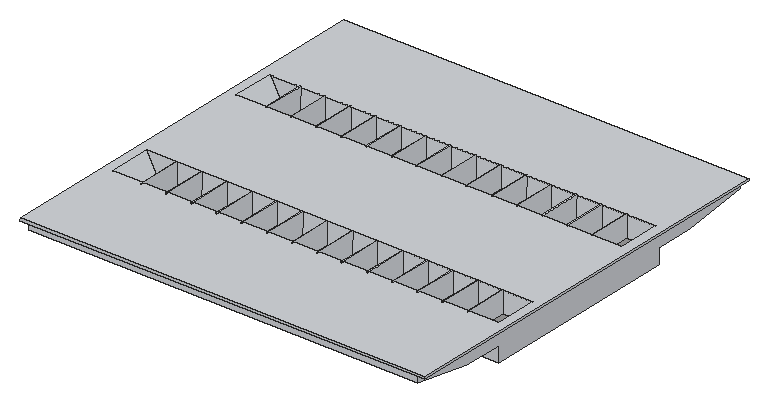
Revit family "0052581 Sylvania Lighting Fixture RANA NEO 3500LM REC 600x600 840 SSC 2L WHITE", category Lighting Fixtures, host Face, Revit 2016
Family settings
  Host = Face
  Part Type = Normal
  Round Connector Dimension = Use Diameter
  OmniClass Number = 23.80.70.00
  OmniClass Title = Lighting
  Cut with Voids When Loaded = No
  Light Source = Yes
  Shared = No
  Room Calculation Point = No
Parameters (values of type "0052581 RANA NEO 3500LM R 600 840 SSC 2L WHT")
  fin7 = 37 mm
  fin3 = 332 mm
  fin2 [instance] = 368 mm
  fin 6 = 110 mm
  fin 5 = 185 mm
  fin 4 = 258 mm
  fin 3 [instance] = 318 mm
  fin 2 = 407 mm
  fin 1 = 480 mm
  Width_SYL = if([600x600_SYL], 595 mm, if([625x625_SYL], 620 mm, if([1200_SYL], 296 mm, 306 mm)))  # 595 mm
  Weight = "n/a"
  Wattage Comments = ""
  Wattage = 28 W
  WarrantyStartDate [instance] = "n/a"
  WarrantyGuarantorParts = "n/a"
  WarrantyDurationUnit = "n/a"
  WarrantyDurationParts = ""
  WarrantyDescription = "http://www.sylvania-lighting.com"
  built-in parameter 1150110 = 1 (stored number, unit not read)
  Voltage = 0 V
  URL = "0.95"
  TypeName = "RANA NEO 3500LM REC 600x600 840 SSC 2L WHITE"
  Type Image = <None>
  Type Comments = "n/a"
  built-in parameter 1114217 = 1 (stored number, unit not read)
  TopWidth_SYL = if([600x600_SYL], 295 mm, if([625x625_SYL], 295 mm, if([1200_SYL], 165 mm, 165 mm)))  # 295 mm
  Tilt Angle = -90.00°
  built-in parameter 1150109 = 1 (stored number, unit not read)
  built-in parameter 1150134 = (empty or 0)
  built-in parameter 1150113 = 1 (stored number, unit not read)
  SlopeTopWidth_SYL = if([600x600_SYL], 410 mm, if([625x625_SYL], 410 mm, if([1200_SYL], 168 mm, 168 mm)))  # 410 mm
  SlopeBottomWidth_SYL = if([600x600_SYL], 593 mm, if([625x625_SYL], 593 mm, if([1200_SYL], 244 mm, 244 mm)))  # 593 mm
  SlopeHeight_SYL = if([600x600_SYL], 17 mm, if([625x625_SYL], 17 mm, if([1200_SYL], 40 mm, 40 mm)))  # 17 mm
  SerialNumber [instance] = "n/a"
  ReflectorNumber_SYL = if([1Ref_SYL], 2, if([2Ref_SYL], 2, 3))  # 2
  ReflectorLength_SYL = Length_SYL - Inset_SYL * 2 - 5 mm  # 550 mm
  ReflectorInset_SYL = if([1Ref_SYL], 82.4 mm, if([2Ref_SYL], 30 mm, 30 mm))  # 30 mm
  Photometric Web File = "0052581.ies"
  Material_3_SYL = none
  PowerFactor = 0.95
  PowerConsumption = "Lighting"
  NominalLength = 595 mm
  NominalHeight = 60 mm
  NominalDepth = 595 mm
  Name = "RANA NEO 3500LM REC 600x600 840 SSC 2L WHITE"
  ModelReference = Name  # "RANA NEO 3500LM REC 600x600 840 SSC 2L WHITE"
  ModelNumber = "0052581"
  Model = Name  # "RANA NEO 3500LM REC 600x600 840 SSC 2L WHITE"
  Material = "Feilo Sylvania"
  ManufacturerName = "113 lm/W"
  Manufacturer = ""
  LuminousEfficacy = ""
  built-in parameter 1150105 = 222.82 (stored number, unit not read)
  Lumens = 2800 lm
  LuminaireType = "0"
  built-in parameter 1150115 = 1 (stored number, unit not read)
  LouverNumber_SYL = if([600x600_SYL], 14, if([625x625_SYL], 14, if([1200_SYL], 28, 28)))  # 14
  LightOutputRatio = "LED"
  built-in parameter 1150137 = (empty or 0)
  built-in parameter 1150139 = (empty or 0)
  Length_SYL = if([600x600_SYL], 595 mm, if([625x625_SYL], 620 mm, if([1200_SYL], 1196 mm, 1246 mm)))  # 595 mm
  LampsType = Lamp  # "n/a"
  LampNominalLuminous = "4000 K"
  LampMacAdamStep = "80"
  LampColourTemperature = "LED"
  LampColourRenderingIndex = "16500"
  built-in parameter 1150112 = 1 (stored number, unit not read)
  built-in parameter 1150114 = 1 (stored number, unit not read)
  Lamp = "n/a"
  LED position [instance] = 410 mm
  LED inside width = 165 mm
  LED inner void = 521.5 mm
  LED Width = 290 mm
  LED Length = 568 mm
  Keynote = "n/a"
  InstallationDate [instance] = "n/a"
  Inset_SYL = 20 mm  # constant formula
  InputVoltage = "0"
  InputNominalFrequency = "4000"
  built-in parameter 1150132 = (empty or 0)
  built-in parameter 1150102 = (empty or 0)
  built-in parameter 1150107 = 3000 (stored number, unit not read)
  built-in parameter 1150138 = (empty or 0)
  IngressProtection = "IfcLightFixtureType"
  ImpactProtectionIndex = "IfcLightFixtureType"
  built-in parameter 1150106 = 2.2282 (stored number, unit not read)
  IfcExportType = "IfcLightFixtureType"
  IfcExportAs = "Class I"
  Height = 52 mm
  Emit from Rectangle Width = if([1Ref_SYL], 48 mm, TopWidth_SYL - 13 mm)  # 282 mm
  Emit from Rectangle Length = ReflectorLength_SYL - 8 mm  # 542 mm
  Emit Shape Visible in Rendering = no
  ElectricShockClassification = "113"
  built-in parameter 1150104 = 9.2903 (stored number, unit not read)
  DocumentationLiterature = "http://www.sylvania-lighting.com/product/en-int/products/0052581"
  DimmingControlOptions = "n/a"
  Material_2_SYL = none
  Dimming Lamp Color Temperature Shift = <None>
  Description = "-"
  Default Elevation = 1219.2 mm
  CreatedOn = "25/11/2019"
  CreatedBy = "@sylvania-lighting.com"
  Cost = 0
  Color Filter = 16777215
  built-in parameter 1114216 [instance] = (empty or 0)
  ClassificationValue = "EF_70_80"
  ClassificationName = "Uniclass2015"
  Material_1_SYL = none
  BarCode [instance] = "n/a"
  built-in parameter 1114218 = 1 (stored number, unit not read)
  built-in parameter 1150133 = 10 (stored number, unit not read)
  AssetType = "Fixed"
  AssetIdentifier [instance] = "n/a"
  Assembly Code = "D5020200"
  Apparent Load = 31 VA
  Material_4_SYL = none
  625x625_SYL = no
  600x600_SYL = yes
  2Ref_SYL = yes
  1Ref_SYL = no
  1200_SYL = no
Reference planes
  plane 1 "Center (Front/Back)": y = 0
  plane 2: z = 0
  plane 3 "Center (Left/Right)": x = 0
  plane 4: x = 297.5
  plane 5: x = -297.5
  plane 6: y = 297.5
  plane 7: y = -297.5
  plane 8: z = -120
  plane 9: z = -3
  plane 10: z = -12
  plane 11: z = -29
  plane 12: z = -52
  plane 13: y = -296.5
  plane 14: y = 296.5
  plane 15: y = 145
  plane 16: y = -145
  plane 17: y = 82.5
  plane 18: y = -82.5
  plane 19: x = -284
  plane 20: x = 284
  plane 21: y = 141
  plane 22: y = 86.5
  plane 23: x = -264
  plane 24: x = 257.5
  plane 25: x = -286
  plane 26: x = 286
  plane 27: y = -86.5
  plane 28: y = -141
  plane 29: x = 18.5
  plane 30: x = -18.5
  plane 31: x = 55
  plane 32: x = -55
  plane 33: x = 92.5
  plane 34: x = -92.5
  plane 35: x = 129
  plane 36: x = -129
  plane 37: x = 166
  plane 38: x = -166
  plane 39: x = -203.5
  plane 40: x = 203.5
  plane 41: x = -240
  plane 42: x = 240
  plane 43: x = 169.5
  plane 44: x = 162.5
  plane 45: x = 166.5
  plane 46: x = 165.5
Forms (mm)
  Extrusion 1, void
    sketch origin (0, 0, 0) x (1, 0, 0) y (0, 1, 0)
      loop
        line (-297.5, 297.5) -> (-297.5, -297.5) -> (297.5, -297.5) -> (297.5, 297.5) -> (-297.5, 297.5)
    from -120 to 0
  Extrusion 2, solid, detail levels medium+fine
    sketch origin (0, 0, 0) x (0, 1, 0) y (0, 0, 1)
      loop
        line (-296.5, 0) -> (-296.5, -12) -> (-205, -29) -> (-147.5, -29) -> (-147.5, -52) -> (147.5, -52) -> (147.5, -29) -> (205, -29) -> (296.5, -17.514) -> (296.5, 0) -> (-296.5, 0)
    from -286 to 286
  Extrusion 3, solid, detail levels medium+fine
    sketch origin (275, 1524, 1219.2) x (0, 1, 0) y (0, 0, 1)
      loop
        line (-1226.5, -1222.2) -> (-1226.5, -1219.2) -> (-1820.5, -1219.2) -> (-1820.5, -1222.2) -> (-1226.5, -1222.2)
    from 11 to 22.5
  Extrusion 4, solid, detail levels medium+fine
    sketch origin (-275, 1524, 1219.2) x (0, 1, 0) y (0, 0, 1)
      loop
        line (-1820.5, -1222.2) -> (-1227.5, -1222.2) -> (-1227.5, -1219.2) -> (-1820.5, -1219.2) -> (-1820.5, -1222.2)
    from -11 to -22.5
  Extrusion 5, solid, detail levels medium+fine
    sketch origin (0, 0, 0) x (0, 1, 0) y (0, 0, 1)
      loop
        line (-297.5, 0) -> (-297.5, -3) -> (-296.5, -3) -> (-296.5, 0) -> (-297.5, 0)
      loop
        line (297.5, -3) -> (297.5, 0) -> (296.5, 0) -> (296.5, -3) -> (297.5, -3)
    from -297.5 to 297.5
  Blend 6, void
    base sketch origin (0, 0, 0) x (1, 0, 0) y (0, 1, 0)
      loop
        line (-284, 145) -> (-284, 82.5) -> (284, 82.5) -> (284, 145) -> (-284, 145)
    top sketch origin (0, 0, 0) x (1, 0, 0) y (0, 1, 0)
      loop
        line (-264, 141) -> (-264, 86.5) -> (257.5, 86.5) -> (257.5, 141) -> (-264, 141)
    from 0 to -29
  Blend 7, void
    base sketch origin (0, 0, 0) x (1, 0, 0) y (0, 1, 0)
      loop
        line (-284, -82.5) -> (-284, -145) -> (284, -145) -> (284, -82.5) -> (-284, -82.5)
    top sketch origin (0, 0, 0) x (1, 0, 0) y (0, 1, 0)
      loop
        line (257.5, -86.5) -> (-264, -86.5) -> (-264, -141) -> (257.5, -141) -> (257.5, -86.5)
    from 0 to -29
  Extrusion 8, solid, detail levels fine
    sketch origin (0, 0, 0) x (1, 0, 0) y (0, 0, 1)
      loop
        line (162.5, -29) -> (169.5, -29) -> (166.5, 0) -> (165.5, 0) -> (162.5, -29)
    from -145 to -82.5
  Extrusion 9, solid, detail levels fine
    sketch origin (37.5, 0, 0) x (1, 0, 0) y (0, 0, 1)
      loop
        line (162.5, -29) -> (169.5, -29) -> (166.5, 0) -> (165.5, 0) -> (162.5, -29)
    from -145 to -82.5
  Extrusion 10, solid, detail levels fine
    sketch origin (74, 0, 0) x (1, 0, 0) y (0, 0, 1)
      loop
        line (162.5, -29) -> (169.5, -29) -> (166.5, 0) -> (165.5, 0) -> (162.5, -29)
    from -145 to -82.5
  Extrusion 11, solid, detail levels fine
    sketch origin (-37, 0, 0) x (1, 0, 0) y (0, 0, 1)
      loop
        line (162.5, -29) -> (169.5, -29) -> (166.5, 0) -> (165.5, 0) -> (162.5, -29)
    from -145 to -82.5
  Extrusion 12, solid, detail levels fine
    sketch origin (-73.5, 0, 0) x (1, 0, 0) y (0, 0, 1)
      loop
        line (162.5, -29) -> (169.5, -29) -> (166.5, 0) -> (165.5, 0) -> (162.5, -29)
    from -145 to -82.5
  Extrusion 13, solid, detail levels fine
    sketch origin (-111, 0, 0) x (1, 0, 0) y (0, 0, 1)
      loop
        line (162.5, -29) -> (169.5, -29) -> (166.5, 0) -> (165.5, 0) -> (162.5, -29)
    from -145 to -82.5
  Extrusion 14, solid, detail levels fine
    sketch origin (-147.5, 0, 0) x (1, 0, 0) y (0, 0, 1)
      loop
        line (162.5, -29) -> (169.5, -29) -> (166.5, 0) -> (165.5, 0) -> (162.5, -29)
    from -145 to -82.5
  Extrusion 15, solid, detail levels fine
    sketch origin (-184.5, 0, 0) x (1, 0, 0) y (0, 0, 1)
      loop
        line (162.5, -29) -> (169.5, -29) -> (166.5, 0) -> (165.5, 0) -> (162.5, -29)
    from -145 to -82.5
  Extrusion 16, solid, detail levels fine
    sketch origin (-221, 0, 0) x (1, 0, 0) y (0, 0, 1)
      loop
        line (162.5, -29) -> (169.5, -29) -> (166.5, 0) -> (165.5, 0) -> (162.5, -29)
    from -145 to -82.5
  Extrusion 17, solid, detail levels fine
    sketch origin (-258.5, 0, 0) x (1, 0, 0) y (0, 0, 1)
      loop
        line (162.5, -29) -> (169.5, -29) -> (166.5, 0) -> (165.5, 0) -> (162.5, -29)
    from -145 to -82.5
  Extrusion 18, solid, detail levels fine
    sketch origin (-295, 0, 0) x (1, 0, 0) y (0, 0, 1)
      loop
        line (162.5, -29) -> (169.5, -29) -> (166.5, 0) -> (165.5, 0) -> (162.5, -29)
    from -145 to -82.5
  Extrusion 19, solid, detail levels fine
    sketch origin (-332, 0, 0) x (1, 0, 0) y (0, 0, 1)
      loop
        line (162.5, -29) -> (169.5, -29) -> (166.5, 0) -> (165.5, 0) -> (162.5, -29)
    from -145 to -82.5
  Extrusion 20, solid, detail levels fine
    sketch origin (-369.5, 0, 0) x (1, 0, 0) y (0, 0, 1)
      loop
        line (162.5, -29) -> (169.5, -29) -> (166.5, 0) -> (165.5, 0) -> (162.5, -29)
    from -145 to -82.5
  Extrusion 21, solid, detail levels fine
    sketch origin (-406, 0, 0) x (1, 0, 0) y (0, 0, 1)
      loop
        line (162.5, -29) -> (169.5, -29) -> (166.5, 0) -> (165.5, 0) -> (162.5, -29)
    from -145 to -82.5
  Extrusion 22, solid, detail levels fine
    sketch origin (-406.072, 0, -0.017) x (1, 0, 0) y (0, 0, 1)
      loop
        line (162.5, -29) -> (169.5, -29) -> (166.5, 0) -> (165.5, 0) -> (162.5, -29)
    from 82.5 to 147.5
  Extrusion 23, solid, detail levels fine
    sketch origin (-369.572, 0, -0.017) x (1, 0, 0) y (0, 0, 1)
      loop
        line (162.5, -29) -> (169.5, -29) -> (166.5, 0) -> (165.5, 0) -> (162.5, -29)
    from 82.5 to 147.5
  Extrusion 24, solid, detail levels fine
    sketch origin (-331.998, 0, -0.017) x (1, 0, 0) y (0, 0, 1)
      loop
        line (162.5, -29) -> (169.5, -29) -> (166.5, 0) -> (165.5, 0) -> (162.5, -29)
    from 82.5 to 147.5
  Extrusion 25, solid, detail levels fine
    sketch origin (-294.998, 0, -0.017) x (1, 0, 0) y (0, 0, 1)
      loop
        line (162.5, -29) -> (169.5, -29) -> (166.5, 0) -> (165.5, 0) -> (162.5, -29)
    from 82.5 to 147.5
  Extrusion 26, solid, detail levels fine
    sketch origin (-258.498, 0, -0.017) x (1, 0, 0) y (0, 0, 1)
      loop
        line (162.5, -29) -> (169.5, -29) -> (166.5, 0) -> (165.5, 0) -> (162.5, -29)
    from 82.5 to 147.5
  Extrusion 27, solid, detail levels fine
    sketch origin (-221, 0, -0.017) x (1, 0, 0) y (0, 0, 1)
      loop
        line (162.5, -29) -> (169.5, -29) -> (166.5, 0) -> (165.5, 0) -> (162.5, -29)
    from 82.5 to 147.5
  Extrusion 28, solid, detail levels fine
    sketch origin (-184.5, 0, -0.017) x (1, 0, 0) y (0, 0, 1)
      loop
        line (162.5, -29) -> (169.5, -29) -> (166.5, 0) -> (165.5, 0) -> (162.5, -29)
    from 82.5 to 147.5
  Extrusion 29, solid, detail levels fine
    sketch origin (-147.5, 0, -0.017) x (1, 0, 0) y (0, 0, 1)
      loop
        line (162.5, -29) -> (169.5, -29) -> (166.5, 0) -> (165.5, 0) -> (162.5, -29)
    from 82.5 to 147.5
  Extrusion 30, solid, detail levels fine
    sketch origin (-111, 0, -0.017) x (1, 0, 0) y (0, 0, 1)
      loop
        line (162.5, -29) -> (169.5, -29) -> (166.5, 0) -> (165.5, 0) -> (162.5, -29)
    from 82.5 to 147.5
  Extrusion 31, solid, detail levels fine
    sketch origin (-73.5, 0, -0.017) x (1, 0, 0) y (0, 0, 1)
      loop
        line (162.5, -29) -> (169.5, -29) -> (166.5, 0) -> (165.5, 0) -> (162.5, -29)
    from 82.5 to 147.5
  Extrusion 32, solid, detail levels fine
    sketch origin (-37, 0, -0.017) x (1, 0, 0) y (0, 0, 1)
      loop
        line (162.5, -29) -> (169.5, -29) -> (166.5, 0) -> (165.5, 0) -> (162.5, -29)
    from 82.5 to 147.5
  Extrusion 33, solid, detail levels fine
    sketch origin (0, 0, -0.017) x (1, 0, 0) y (0, 0, 1)
      loop
        line (162.5, -29) -> (169.5, -29) -> (166.5, 0) -> (165.5, 0) -> (162.5, -29)
    from 82.5 to 147.5
  Extrusion 34, solid, detail levels fine
    sketch origin (37.5, 0, -0.017) x (1, 0, 0) y (0, 0, 1)
      loop
        line (162.5, -29) -> (169.5, -29) -> (166.5, 0) -> (165.5, 0) -> (162.5, -29)
    from 82.5 to 147.5
  Extrusion 35, solid, detail levels fine
    sketch origin (74, 0, -0.017) x (1, 0, 0) y (0, 0, 1)
      loop
        line (162.5, -29) -> (169.5, -29) -> (166.5, 0) -> (165.5, 0) -> (162.5, -29)
    from 82.5 to 147.5
  Extrusion 36, solid, material "Glass, White, High Luminance", detail levels fine
    sketch origin (0, 0, 0) x (1, 0, 0) y (0, 1, 0)
      loop
        line (-264, 141) -> (-264, 86.5) -> (257.5, 86.5) -> (257.5, 141) -> (-264, 141)
    from -29 to -28
  Extrusion 37, solid, material "Glass, White, High Luminance", detail levels fine
    sketch origin (0, 0, 0) x (1, 0, 0) y (0, 1, 0)
      loop
        line (-264, -86.5) -> (-264, -141) -> (257.5, -141) -> (257.5, -86.5) -> (-264, -86.5)
    from -29 to -28
  Extrusion 38, solid, detail levels coarse
    sketch origin (0, 0, 0) x (1, 0, 0) y (0, 1, 0)
      loop
        line (-297.5, 297.5) -> (-297.5, -297.5) -> (297.5, -297.5) -> (297.5, 297.5) -> (-297.5, 297.5)
    from -52 to 0
Cuts and joins
  Blend 6, Blend 7 cuts Extrusion 2
  Blend 6, Blend 7 cuts Extrusion 3
  Blend 6, Blend 7 cuts Extrusion 4
  Blend 6, Blend 7 cuts Extrusion 5
  joined: Extrusion 2, Extrusion 3, Extrusion 4, Extrusion 5
Dimensions and locks
  "Length_SYL": plane 5 to plane 4
  locked: plane 2 to plane 8 at 120
  locked: plane 2 to plane 9 at 3
  locked: plane 2 to plane 10 at 12
  "SlopeHeight_SYL": plane 11 to plane 10
  "Height": plane 2 to plane 12
  equal spacing: plane 13, plane 1 "Center (Front/Back)", plane 14
  "SlopeBottomWidth_SYL": plane 13 to plane 14
  "LED Width": plane 15 to plane 16
  equal spacing: plane 15, plane 1 "Center (Front/Back)", plane 16
  "LED inside width": plane 17 to plane 18
  equal spacing: plane 17, plane 1 "Center (Front/Back)", plane 18
  "LED Length": plane 19 to plane 20
  equal spacing: plane 19, plane 3 "Center (Left/Right)", plane 20
  "LED inner void": plane 23 to plane 24
  "fin7": plane 29 to plane 30
  equal spacing: plane 29, plane 3 "Center (Left/Right)", plane 30
  "fin 6": plane 31 to plane 32
  equal spacing: plane 31, plane 3 "Center (Left/Right)", plane 32
  "fin 5": plane 33 to plane 34
  equal spacing: plane 33, plane 3 "Center (Left/Right)", plane 34
  "fin 4": plane 35 to plane 36
  equal spacing: plane 35, plane 3 "Center (Left/Right)", plane 36
  "fin 2": plane 40 to plane 39
  equal spacing: plane 40, plane 3 "Center (Left/Right)", plane 39
  "fin3": plane 37 to plane 38
  equal spacing: plane 37, plane 3 "Center (Left/Right)", plane 38
  "fin 1": plane 42 to plane 41
  equal spacing: plane 42, plane 3 "Center (Left/Right)", plane 41
  aligned and locked: plane 2 to host face
  aligned and locked: level to host face
  aligned and locked: plane 6 to Extrusion 1 sketch curve
  aligned and locked: plane 5 to Extrusion 1 sketch curve
  aligned and locked: Extrusion 1 sketch curve to plane 7
  aligned and locked: Extrusion 1 sketch curve to plane 4
  aligned and locked: level to Extrusion 1
  aligned and locked: plane 8 to Extrusion 1
  aligned and locked: plane 2 to Extrusion 1
  aligned and locked: plane 10 to Extrusion 2 sketch curve
  aligned and locked: plane 12 to Extrusion 2 sketch curve
  aligned and locked: plane 11 to Extrusion 2 sketch curve  (x2)
  aligned and locked: Extrusion 2 sketch curve to level
  aligned and locked: Extrusion 3 sketch curve to Extrusion 2
  aligned and locked: plane 6 to Extrusion 3 sketch curve
  aligned and locked: plane 4 to Extrusion 3
  aligned and locked: cut or joined group of Extrusion 2, Extrusion 3, Extrusion 4, Extrusion 5, Blend 6, Blend 7 to Extrusion 4 sketch curve  (x3)
  aligned and locked: Extrusion 4 sketch curve to cut or joined group of Extrusion 2, Extrusion 3, Extrusion 4, Extrusion 5, Blend 6, Blend 7
  aligned and locked: Extrusion 4 to plane 5
  aligned and locked: Extrusion 3 to Extrusion 2
  aligned and locked: Extrusion 4 to Extrusion 2
  aligned and locked: plane 14 to Extrusion 2 sketch curve
  aligned and locked: plane 13 to Extrusion 2 sketch curve
  aligned and locked: Extrusion 5 sketch curve to level  (x2)
  aligned and locked: Extrusion 5 sketch curve to plane 7
  aligned and locked: Extrusion 5 sketch curve to cut or joined group of Extrusion 2, Extrusion 3, Extrusion 4, Extrusion 5, Blend 6, Blend 7  (x4)
  aligned and locked: cut or joined group of Extrusion 2, Extrusion 3, Extrusion 4, Extrusion 5, Blend 6, Blend 7 to Extrusion 5 sketch curve
  aligned and locked: Extrusion 5 to plane 5
  aligned and locked: plane 4 to Extrusion 5
Automatic sketch dimensions
  host sketch curve to host sketch curve = 1219.2 mm
  host sketch curve to host sketch curve = 1211.616 mm
  Extrusion 2 sketch curve to plane 16 = 60 mm
  Extrusion 2 sketch curve to plane 16 = 2.5 mm
  plane 15 to Extrusion 2 sketch curve = 2.5 mm
  Extrusion 2 sketch curve to Extrusion 2 sketch curve = 57.5 mm
  plane 10 to Extrusion 2 sketch curve = 5.514 mm
  plane 9 to Extrusion 3 sketch curve = 0 mm
  Extrusion 3 sketch curve to plane 13 = 0 mm
  Blend 6 sketch curve to plane 17 = 0 mm
  Blend 6 sketch curve to plane 19 = 0 mm
  Blend 6 sketch curve to plane 20 = 0 mm
  Blend 6 sketch curve to plane 15 = 0 mm
  Blend 6 sketch curve to plane 22 = 0 mm
  Blend 6 sketch curve to plane 23 = 0 mm
  Blend 6 sketch curve to plane 24 = 0 mm
  Blend 6 sketch curve to plane 21 = 0 mm
  Blend 7 sketch curve to plane 16 = 0 mm
  Blend 7 sketch curve to plane 19 = 0 mm
  Blend 7 sketch curve to plane 20 = 0 mm
  Blend 7 sketch curve to plane 18 = 0 mm
  Blend 7 sketch curve to plane 23 = 0 mm
  Blend 7 sketch curve to plane 24 = 0 mm
  Blend 7 sketch curve to plane 28 = 0 mm
  Blend 7 sketch curve to plane 27 = 0 mm
  Extrusion 8 sketch curve to plane 11 = 0 mm
  Extrusion 8 sketch curve to plane 44 = 0 mm
  Extrusion 8 sketch curve to level = 0 mm
  Extrusion 8 sketch curve to plane 46 = 0 mm
  Extrusion 8 sketch curve to plane 45 = 0 mm
  Extrusion 8 sketch curve to plane 43 = 0 mm
  Extrusion 9 sketch curve to plane 11 = 0 mm
  Extrusion 9 sketch curve to level = 0 mm
  Extrusion 9 sketch curve to plane 40 = 3.5 mm
  Extrusion 9 sketch curve to plane 40 = 0.5 mm
  plane 40 to Extrusion 9 sketch curve = 0.5 mm
  plane 40 to Extrusion 9 sketch curve = 3.5 mm
  Extrusion 10 sketch curve to plane 11 = 0 mm
  Extrusion 10 sketch curve to level = 0 mm
  Extrusion 10 sketch curve to plane 42 = 3.5 mm
  Extrusion 10 sketch curve to plane 42 = 0.5 mm
  plane 42 to Extrusion 10 sketch curve = 0.5 mm
  plane 42 to Extrusion 10 sketch curve = 3.5 mm
  Extrusion 11 sketch curve to plane 11 = 0 mm
  Extrusion 11 sketch curve to level = 0 mm
  Extrusion 11 sketch curve to plane 35 = 3.5 mm
  Extrusion 11 sketch curve to plane 35 = 0.5 mm
  plane 35 to Extrusion 11 sketch curve = 0.5 mm
  plane 35 to Extrusion 11 sketch curve = 3.5 mm
  Extrusion 12 sketch curve to plane 11 = 0 mm
  Extrusion 12 sketch curve to level = 0 mm
  Extrusion 12 sketch curve to plane 33 = 3.5 mm
  Extrusion 12 sketch curve to plane 33 = 0.5 mm
  plane 33 to Extrusion 12 sketch curve = 0.5 mm
  plane 33 to Extrusion 12 sketch curve = 3.5 mm
  Extrusion 13 sketch curve to plane 11 = 0 mm
  Extrusion 13 sketch curve to level = 0 mm
  Extrusion 13 sketch curve to plane 31 = 3.5 mm
  Extrusion 13 sketch curve to plane 31 = 0.5 mm
  plane 31 to Extrusion 13 sketch curve = 0.5 mm
  plane 31 to Extrusion 13 sketch curve = 3.5 mm
  Extrusion 14 sketch curve to plane 11 = 0 mm
  Extrusion 14 sketch curve to level = 0 mm
  Extrusion 14 sketch curve to plane 29 = 3.5 mm
  Extrusion 14 sketch curve to plane 29 = 0.5 mm
  plane 29 to Extrusion 14 sketch curve = 0.5 mm
  plane 29 to Extrusion 14 sketch curve = 3.5 mm
  Extrusion 15 sketch curve to plane 11 = 0 mm
  Extrusion 15 sketch curve to level = 0 mm
  Extrusion 15 sketch curve to plane 30 = 3.5 mm
  Extrusion 15 sketch curve to plane 30 = 0.5 mm
  plane 30 to Extrusion 15 sketch curve = 0.5 mm
  plane 30 to Extrusion 15 sketch curve = 3.5 mm
  Extrusion 16 sketch curve to plane 11 = 0 mm
  Extrusion 16 sketch curve to level = 0 mm
  Extrusion 16 sketch curve to plane 32 = 3.5 mm
  Extrusion 16 sketch curve to plane 32 = 0.5 mm
  plane 32 to Extrusion 16 sketch curve = 0.5 mm
  plane 32 to Extrusion 16 sketch curve = 3.5 mm
  Extrusion 17 sketch curve to plane 11 = 0 mm
  Extrusion 17 sketch curve to level = 0 mm
  Extrusion 17 sketch curve to plane 34 = 3.5 mm
  Extrusion 17 sketch curve to plane 34 = 0.5 mm
  plane 34 to Extrusion 17 sketch curve = 0.5 mm
  plane 34 to Extrusion 17 sketch curve = 3.5 mm
  Extrusion 18 sketch curve to plane 11 = 0 mm
  Extrusion 18 sketch curve to level = 0 mm
  Extrusion 18 sketch curve to plane 36 = 3.5 mm
  Extrusion 18 sketch curve to plane 36 = 0.5 mm
  plane 36 to Extrusion 18 sketch curve = 0.5 mm
  plane 36 to Extrusion 18 sketch curve = 3.5 mm
  Extrusion 19 sketch curve to plane 11 = 0 mm
  Extrusion 19 sketch curve to level = 0 mm
  Extrusion 19 sketch curve to plane 38 = 3.5 mm
  Extrusion 19 sketch curve to plane 38 = 0.5 mm
  plane 38 to Extrusion 19 sketch curve = 0.5 mm
  plane 38 to Extrusion 19 sketch curve = 3.5 mm
  Extrusion 20 sketch curve to plane 11 = 0 mm
  Extrusion 20 sketch curve to level = 0 mm
  Extrusion 20 sketch curve to plane 39 = 3.5 mm
  Extrusion 20 sketch curve to plane 39 = 0.5 mm
  plane 39 to Extrusion 20 sketch curve = 0.5 mm
  plane 39 to Extrusion 20 sketch curve = 3.5 mm
  Extrusion 21 sketch curve to plane 11 = 0 mm
  Extrusion 21 sketch curve to level = 0 mm
  Extrusion 21 sketch curve to plane 41 = 3.5 mm
  Extrusion 21 sketch curve to plane 41 = 0.5 mm
  plane 41 to Extrusion 21 sketch curve = 0.5 mm
  plane 41 to Extrusion 21 sketch curve = 3.5 mm
  plane 11 to Extrusion 22 sketch curve = 0.017 mm
  Extrusion 22 sketch curve to plane 41 = 3.572 mm
  Extrusion 22 sketch curve to level = 0.017 mm
  Extrusion 22 sketch curve to plane 41 = 0.572 mm
  plane 41 to Extrusion 22 sketch curve = 0.428 mm
  plane 41 to Extrusion 22 sketch curve = 3.428 mm
  plane 11 to Extrusion 23 sketch curve = 0.017 mm
  Extrusion 23 sketch curve to plane 39 = 3.572 mm
  Extrusion 23 sketch curve to level = 0.017 mm
  Extrusion 23 sketch curve to plane 39 = 0.572 mm
  plane 39 to Extrusion 23 sketch curve = 0.428 mm
  plane 39 to Extrusion 23 sketch curve = 3.428 mm
  plane 11 to Extrusion 24 sketch curve = 0.017 mm
  Extrusion 24 sketch curve to plane 38 = 3.498 mm
  Extrusion 24 sketch curve to level = 0.017 mm
  Extrusion 24 sketch curve to plane 38 = 0.498 mm
  plane 38 to Extrusion 24 sketch curve = 0.502 mm
  plane 38 to Extrusion 24 sketch curve = 3.502 mm
  plane 11 to Extrusion 25 sketch curve = 0.017 mm
  Extrusion 25 sketch curve to plane 36 = 3.498 mm
  Extrusion 25 sketch curve to level = 0.017 mm
  Extrusion 25 sketch curve to plane 36 = 0.498 mm
  plane 36 to Extrusion 25 sketch curve = 0.502 mm
  plane 36 to Extrusion 25 sketch curve = 3.502 mm
  plane 11 to Extrusion 26 sketch curve = 0.017 mm
  Extrusion 26 sketch curve to plane 34 = 3.498 mm
  Extrusion 26 sketch curve to level = 0.017 mm
  Extrusion 26 sketch curve to plane 34 = 0.498 mm
  plane 34 to Extrusion 26 sketch curve = 0.502 mm
  plane 34 to Extrusion 26 sketch curve = 3.502 mm
  plane 11 to Extrusion 27 sketch curve = 0.017 mm
  Extrusion 27 sketch curve to plane 32 = 3.5 mm
  Extrusion 27 sketch curve to level = 0.017 mm
  Extrusion 27 sketch curve to plane 32 = 0.5 mm
  plane 32 to Extrusion 27 sketch curve = 0.5 mm
  plane 32 to Extrusion 27 sketch curve = 3.5 mm
  plane 11 to Extrusion 28 sketch curve = 0.017 mm
  Extrusion 28 sketch curve to plane 30 = 3.5 mm
  Extrusion 28 sketch curve to level = 0.017 mm
  Extrusion 28 sketch curve to plane 30 = 0.5 mm
  plane 30 to Extrusion 28 sketch curve = 0.5 mm
  plane 30 to Extrusion 28 sketch curve = 3.5 mm
  plane 11 to Extrusion 29 sketch curve = 0.017 mm
  Extrusion 29 sketch curve to plane 29 = 3.5 mm
  Extrusion 29 sketch curve to level = 0.017 mm
  Extrusion 29 sketch curve to plane 29 = 0.5 mm
  plane 29 to Extrusion 29 sketch curve = 0.5 mm
  plane 29 to Extrusion 29 sketch curve = 3.5 mm
  plane 11 to Extrusion 30 sketch curve = 0.017 mm
  Extrusion 30 sketch curve to plane 31 = 3.5 mm
  Extrusion 30 sketch curve to level = 0.017 mm
  Extrusion 30 sketch curve to plane 31 = 0.5 mm
  plane 31 to Extrusion 30 sketch curve = 0.5 mm
  plane 31 to Extrusion 30 sketch curve = 3.5 mm
  plane 11 to Extrusion 31 sketch curve = 0.017 mm
  Extrusion 31 sketch curve to plane 33 = 3.5 mm
  Extrusion 31 sketch curve to level = 0.017 mm
  Extrusion 31 sketch curve to plane 33 = 0.5 mm
  plane 33 to Extrusion 31 sketch curve = 0.5 mm
  plane 33 to Extrusion 31 sketch curve = 3.5 mm
  plane 11 to Extrusion 32 sketch curve = 0.017 mm
  Extrusion 32 sketch curve to plane 35 = 3.5 mm
  Extrusion 32 sketch curve to level = 0.017 mm
  Extrusion 32 sketch curve to plane 35 = 0.5 mm
  plane 35 to Extrusion 32 sketch curve = 0.5 mm
  plane 35 to Extrusion 32 sketch curve = 3.5 mm
  Extrusion 33 sketch curve to plane 44 = 0 mm
  Extrusion 33 sketch curve to plane 46 = 0 mm
  Extrusion 33 sketch curve to plane 45 = 0 mm
  Extrusion 33 sketch curve to plane 43 = 0 mm
  plane 11 to Extrusion 33 sketch curve = 0.017 mm
  Extrusion 33 sketch curve to level = 0.017 mm
  plane 11 to Extrusion 34 sketch curve = 0.017 mm
  Extrusion 34 sketch curve to plane 40 = 3.5 mm
  Extrusion 34 sketch curve to level = 0.017 mm
  Extrusion 34 sketch curve to plane 40 = 0.5 mm
  plane 40 to Extrusion 34 sketch curve = 0.5 mm
  plane 40 to Extrusion 34 sketch curve = 3.5 mm
  plane 11 to Extrusion 35 sketch curve = 0.017 mm
  Extrusion 35 sketch curve to plane 42 = 3.5 mm
  Extrusion 35 sketch curve to level = 0.017 mm
  Extrusion 35 sketch curve to plane 42 = 0.5 mm
  plane 42 to Extrusion 35 sketch curve = 0.5 mm
  plane 42 to Extrusion 35 sketch curve = 3.5 mm
  Extrusion 36 sketch curve to plane 22 = 0 mm
  Extrusion 36 sketch curve to plane 23 = 0 mm
  Extrusion 36 sketch curve to plane 24 = 0 mm
  Extrusion 36 sketch curve to plane 21 = 0 mm
  Extrusion 37 sketch curve to plane 23 = 0 mm
  Extrusion 37 sketch curve to plane 24 = 0 mm
  Extrusion 37 sketch curve to plane 28 = 0 mm
  Extrusion 37 sketch curve to plane 27 = 0 mm
  Extrusion 38 sketch curve to plane 5 = 0 mm
  Extrusion 38 sketch curve to plane 4 = 0 mm
  plane 7 to Extrusion 38 sketch curve = 0 mm
  plane 6 to Extrusion 38 sketch curve = 0 mm
Connectors
  electrical at (0, 0, -52), driven by "Voltage", driven by "Apparent Load", driven by "PowerFactor"
    settings: on cut or joined group of Extrusion 2, Extrusion 3, Extrusion 4, Extrusion 5, Blend 6, Blend 7, index 1, voltage 0 V, apparent load 31 VA, apparent load phase1 0 VA, apparent load phase2 0 VA, apparent load phase3 0 VA, power factor 0.95, load classification "Lighting", number of poles 1, system type 30, power factor state 1, is connector primary yes, connector utility no, sub classification motor no, connector description ""
